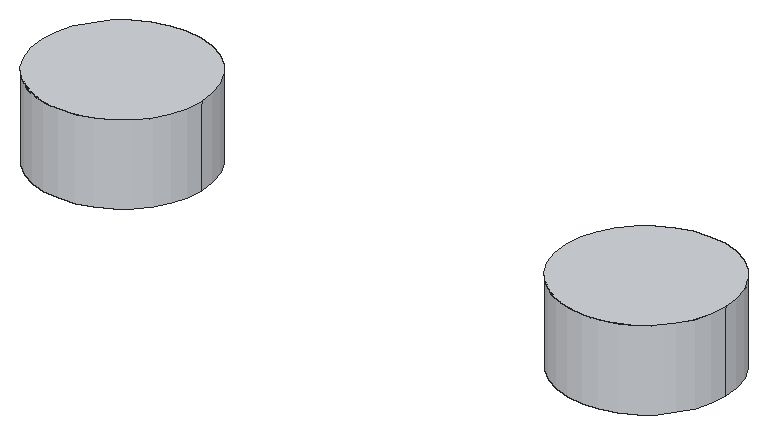
Revit family "E181_D9", category Plumbing Fixtures, Revit 2023
Family settings
  Round Connector Dimension = Use Diameter
  Part Type = Normal
  OmniClass Number = 23.45.55.17
  OmniClass Title = Mixing Faucets
  Work Plane-Based = No
  Enable Cutting in Views = Yes
  Always vertical = Yes
  Cut with Voids When Loaded = No
  Maintain Annotation Orientation = No
  Shared = No
  Room Calculation Point = No
Parameters (values of type "Standard")
  Waste Connection = no
  Vent Connection = no
  URL = "www.fvandina.com"
  Title = "Juego Monocomando para Lavabo COTY"
  Teléfono de contacto = "FV Responde 1800 38 38 38"
  Presión = "60 PSI"
  Part Number = "E181/D9"
  Model = "E181/D9"
  Material = "Latón"
  Manufacturer = "FV – ÁREA ANDINA S.A."
  Instalación = "https://fvandina.com/producto/1562-juego-monocomando-para-lavabo-coty/"
  HW Connection = yes
  Garantía = "GARANTÍA TOTAL FV - DETALLES EN PÁGINA WEB"
  Dirección fabricante = "KM 25, VÍA SANGOLQUÍ AMAGUAÑA - PICHINCHA - ECUADOR"
  Description = "Juego Monocomando para Lavabo COTY"
  Default Elevation = 0' - 0"
  Cota largo = "151 mm"
  Cota ancho = "50 mm"
  Cota alto = "144 mm"
  Consumo agua grifería = "8.3 l/min"
  Connector_2_Diameter = 0' - 0.3937"
  Connector_1_Diameter = 0' - 0.3937"
  Conexión hidráulica = "W9/16\" x 19"
  Company = "FV - GRIFERÍA, SANITARIOS, COMPLEMENTOS"
  Certificación = "INEN"
  Catalog web link = "https://fvandina.com/producto/1562-juego-monocomando-para-lavabo-coty/"
  CW Connection = yes
  Acabado = "Cromo"
Reference planes (in)
  plane 1 "Center (Front/Back)": y = 0
  plane 2: z = 0
  plane 3 "Center (Left/Right)": x = 0
Forms (in)
  Extrusion 1, solid
    sketch origin (0.3937, 0, 0.55118) x (1, 0, 0) y (0, 1, 0)
      loop
        circle (0, 0) r 0.12
    from 0 to -0.12
  Extrusion 2, solid
    sketch origin (-0.3937, 0, 0.55118) x (1, 0, 0) y (0, 1, 0)
      loop
        circle (0, 0) r 0.12
    from 0 to -0.12
Dimensions and locks (in)
  aligned and locked: plane 2 to level
Connectors (in)
  piping at (0.3937, 0, 0.55118), diameter 0.3937, driven by "Connector_1_Diameter"
    settings: on Extrusion 1, index 1, connector inside diameter 24", connector length 0' - 0", flow factor 0, pipe flow 0 GPM, pressure drop 0.00 psi, fitting loss kfactor 0, connector angle 0.00°, fixture units 0, engagement length 0' - 0", angle of deflection 0.00°, flow configuration 1, flow direction 1, fitting loss method 0, system type 20, joint type 0, gender type 0, connector reference index -1, connector utility 0, adjustable connector no, is connector primary yes, connector description ""
  piping at (-0.3937, 0, 0.55118), diameter 0.3937, driven by "Connector_2_Diameter"
    settings: on Extrusion 2, index 2, connector inside diameter 24", connector length 0' - 0", flow factor 0, pipe flow 0 GPM, pressure drop 0.00 psi, fitting loss kfactor 0, connector angle 0.00°, fixture units 0, engagement length 0' - 0", angle of deflection 0.00°, flow configuration 1, flow direction 1, fitting loss method 0, system type 19, joint type 0, gender type 0, connector reference index -1, connector utility 0, adjustable connector no, is connector primary no, connector description ""
